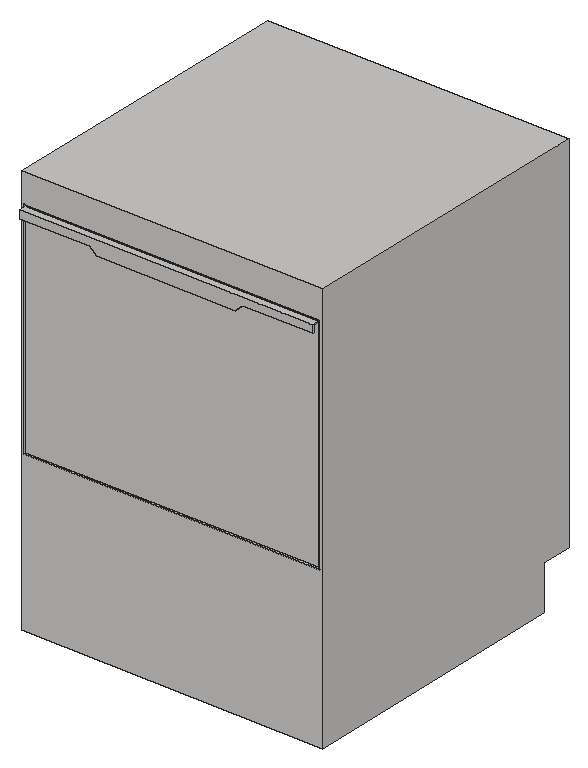
Revit family "QF_ELECTROLUXPROFESSIONAL_400211_EL3", category Specialty Equipment, Revit 2018
Family settings
  Round Connector Dimension = Use Diameter
  Part Type = Normal
  Work Plane-Based = No
  Always vertical = Yes
  Cut with Voids When Loaded = No
  Shared = No
  Room Calculation Point = No
Parameters (values of type "Standard")
  Weight = 47.00 kg
  Watts = 0 W
  Volts = 400 V
  URL Manufacturer = "http://professional.electrolux.com"
  URL = "http://professional.electrolux.com"
  Steam Supply Size = 0 mm
  Steam Supply Minimum Pressure = 0.0 Pa
  Steam Supply Maximum Pressure = 0.0 Pa
  Steam Pounds per Hour = 0
  Show Logo [instance] = yes
  Show Clearance [instance] = yes
  Refrigeration Suction Line Size = 0 mm
  Refrigeration Liquid Line Size = 0 mm
  Refrigerant Compressor Remote = yes
  Manufacturer = "Electrolux Professional"
  Phase = 3
  Model = "EL3"
  Length Actual = 600 mm  # constant formula
  Item Number = "400211"
  Hot Water Size = 19.05 mm
  Height Actual = 820 mm  # constant formula
  HP = "7.2 HP"
  Gas Size = 0 mm
  Gas KW = 0
  Gas Input Pressure = 0 W
  Direct Waste Size = 40 mm
  Description = "UNDERCOUNTER (L), 3PH, 540D/H"
  Depth Actual = 648 mm  # constant formula
  Cycle = 50 Hz
  Condensate Return Size = 0 mm
  Compressed Air Volume = 0.0 L/s
  Compressed Air Size = 0 mm
  Compressed Air Pressure = 0.0 Pa
  Cold Water Size = 0 mm
  Accessory = yes
Types (2, lengths in mm): name | URL | Manufacturer | Phase | Model | Hot Water Size | Description
  (no name) | "http://professional.electrolux.com/" | 0 | 0 | 0 | 0 | 0
  Standard | "http://professional.electrolux.com" | "Electrolux Professional" | 3 | "EL3" | 19.05 | "UNDERCOUNTER (L), 3PH, 540D/H"
Values of the unnamed type that differ from the named types
  Volts = 0 V
  URL Manufacturer = ""
  Item Number = ""
  Cycle = 0 Hz
Reference planes
  plane 1 "Center (Front/Back)": y = 0
  plane 2: z = 0
  plane 3 "Center (Left/Right)": x = 0
  plane 4 "LEFT": x = -300
  plane 5 "RIGHT": x = 300
  plane 6 "FRONT": y = -306
  plane 7 "BACK": y = 306
  plane 8: x = -202.5
  plane 9: x = 202.5
  plane 10: z = 830
  plane 11: z = 10
Forms (mm)
  Extrusion 1, solid, material "QF_Finishes_Stainless Steel"
    sketch origin (0, 0, 0) x (1, 0, 0) y (0, 1, 0)
      loop
        line (-300, -306) -> (300, -306) -> (300, 245) -> (-300, 245) -> (-300, -306)
    from 10 to 830
  Extrusion 2, solid, material "QF_Finishes_Stainless Steel"
    sketch origin (0, 0, 0) x (1, 0, 0) y (0, 1, 0)
      loop
        line (-300, 245) -> (300, 245) -> (300, 306) -> (-300, 306) -> (-300, 245)
    from 100 to 830
  Extrusion 3, solid, material "QF_Finishes_Stainless Steel"
    sketch origin (0, 17.5, 0) x (1, 0, 0) y (0, 1, 0)
      loop
        circle (-254, 167.5) r 12.5
      loop
        circle (254, 167.5) r 12.5
      loop
        circle (-254, -263.5) r 12.5
      loop
        circle (254, -263.5) r 12.5
    from 0 to 10
  Extrusion 4, void
    sketch origin (-300, -306, 0) x (-1, 0, 0) y (0, 0, 1)
      loop
        line (-5, 773.217) -> (-595, 773.217) -> (-595, 327.335) -> (-5, 327.335) -> (-5, 773.217)
    from 0 to 30
  Extrusion 5, solid, material "QF_Finishes_Stainless Steel"
    sketch origin (-259, -389, 768) x (0, 0, -1) y (1, 0, 0)
      loop
        circle (693, 143) r 10
    from -634 to -695
  Extrusion 6, solid, material "QF_Door-Drawer Clearances", visible <- "Show Clearance", detail levels coarse
    sketch origin (-230, -282.5, 0) x (0, 1, 0) y (0, 0, -1)
      loop
        line (-23.5, -330.419) -> (-391.5, -330.419)
        arc (-391.5, -330.419) -> (-290.693, -619.855) -> (-23.5, -770) r 432.894
        line (-23.5, -770) -> (-23.5, -330.419)
    from 61.197 to -521.306
  Extrusion 7, solid, material "QF_Finishes_Stainless Steel"
    sketch origin (-315.481, -389, 738) x (0, 0, -1) y (1, 0, 0)
      loop
        circle (663, 252.481) r 8
    from -634 to -695
  Extrusion 8, solid, material "QF_Finishes_Stainless Steel"
    sketch origin (-230, -282.5, 0) x (0, 1, 0) y (0, 0, -1)
      loop
        line (-23.5, -330.419) -> (-23.5, -770) -> (1.5, -770) -> (1.5, -330.419) -> (-23.5, -330.419)
    from 61.197 to -521.306
  Extrusion 9, solid, material "QF_Finishes_Stainless Steel"
    sketch origin (-230, -297.5, 0) x (0, 1, 0) y (0, 0, -1)
      loop
        line (-8.5, -770) -> (-8.5, -767.514) -> (-21, -767.514) -> (-21, -741.25) -> (-23.5, -741.25) -> (-23.5, -770) -> (-8.5, -770)
    from 61.197 to -521.306
  Extrusion 10, void
    sketch origin (-230, -321, 770) x (0, 0, 1) y (1, 0, 0)
      loop
        line (-15.552, -61.197) -> (-15.552, 77.909) -> (-28.75, 91.107) -> (-28.75, -61.197) -> (-15.552, -61.197)
      loop
        line (-15.552, 521.197) -> (-28.75, 521.197) -> (-28.75, 368.893) -> (-15.552, 382.091) -> (-15.552, 521.197)
    from 0 to 2.5
  Extrusion 11, solid, material "QF_Finishes_Stainless Steel"
    sketch origin (-295.988, 885.897, 763.79) x (0, -1, 0) y (1, 0, 0)
      loop
        circle (611.5, 158) r 8
    from -663.79 to -673.79
Cuts and joins
  Extrusion 4 cuts Extrusion 1
  joined: Extrusion 1, Extrusion 2
  Extrusion 10 cuts Extrusion 8
  Extrusion 10 cuts Extrusion 9
Lines and regions (mm)
  Split face 1
    outline origin (-300, -306, 830) x (0, 0, -1) y (1, 0, 0)
      loop
        line (21.579, 283.75) -> (39.683, 283.75) -> (39.683, 316.25) -> (21.579, 316.25) -> (21.579, 283.75)
  Split face 2
    outline origin (-300, -306, 830) x (0, 0, -1) y (1, 0, 0)
      loop
        line (56.783, 595) -> (56.783, 600)
      loop
        arc (56.783, 412.5) -> (28.391, 440.891) -> (0, 412.5) r 28.391
  symbolic lines
    curve 1: line (-300, 306, 0) -> (300, 306, 0)
    curve 2: line (-300, -306, 0) -> (-300, 306, 0)
    curve 3: line (300, -306, 0) -> (-300, -306, 0)
    curve 4: line (300, 306, 0) -> (300, -306, 0)
    curve 9: line (-291.197, -306, 0) -> (-291.197, -321, 0)
    curve 10: line (291.306, -321, 0) -> (291.306, -306, 0)
    curve 11: line (-291.197, -321, 0) -> (291.306, -321, 0)
  symbolic lines, style "QF_Door-Drawer Clearances"
    curve 5: line (-291.197, -674, 0) -> (291.306, -674, 0)
    curve 6: line (291.306, -674, 0) -> (291.306, -306, 0)
    curve 7: line (-291.197, -674, 0) -> (-291.197, -306, 0)
  symbolic lines, style "SpecialityEquipmentHiddenLines"
    curve 8: line (-300, 245, 0) -> (300, 245, 0)
Dimensions and locks
  equal spacing: plane 4 "LEFT", plane 3 "Center (Left/Right)", plane 5 "RIGHT"
  equal spacing: plane 7 "BACK", plane 1 "Center (Front/Back)", plane 6 "FRONT"
  plane 7 "BACK" to plane 6 "FRONT" = 612 mm
  plane 4 "LEFT" to plane 5 "RIGHT" = 600 mm
  plane 4 "LEFT" to plane 8 = 97.5 mm
  plane 9 to plane 5 "RIGHT" = 97.5 mm
  plane 11 to level = 10 mm
  plane 4 "LEFT" to plane 3 "Center (Left/Right)" = 300 mm
  plane 10 to level = 830 mm  (x2)
  plane 8 to plane 9 = 405 mm
  Extrusion 11 sketch curve to plane 4 "LEFT" = 162.012 mm
  level to Extrusion 5 sketch curve = 75 mm
  Extrusion 5 sketch curve to plane 4 "LEFT" = 184 mm
  Extrusion 7 sketch curve to plane 4 "LEFT" = 237 mm
  level to Extrusion 7 sketch curve = 75 mm
  Extrusion 3 to cut or joined group of Extrusion 1, Extrusion 2, Extrusion 4 = 121 mm
  Extrusion 3 to Extrusion 3 = 431 mm
  plane 6 "FRONT" to Extrusion 3 = 60 mm
  plane 9 to plane 8 = 405 mm
  plane 7 "BACK" to curve 5 = 980 mm
  cut or joined group of Extrusion 1, Extrusion 2, Extrusion 4 to level = 327.335 mm
  aligned and locked: level to plane 2
  aligned and locked: Extrusion 1 sketch curve to plane 6 "FRONT"
  aligned and locked: Extrusion 1 sketch curve to plane 4 "LEFT"
  aligned and locked: plane 5 "RIGHT" to Extrusion 1 sketch curve
  aligned and locked: Extrusion 1 to plane 11
  aligned and locked: Extrusion 2 sketch curve to Extrusion 1
  aligned and locked: plane 5 "RIGHT" to Extrusion 2 sketch curve
  aligned and locked: plane 11 to Extrusion 3
  aligned and locked: cut or joined group of Extrusion 9, Extrusion 10 to Extrusion 10
Automatic sketch dimensions
  Extrusion 1 sketch curve to plane 7 "BACK" = 61 mm
  Extrusion 3 sketch curve to plane 8 = 51.5 mm  (x2)
  plane 9 to Extrusion 3 sketch curve = 51.5 mm  (x2)
  plane 6 "FRONT" to Extrusion 3 sketch curve = 60 mm  (x2)
  Extrusion 3 sketch curve to plane 7 "BACK" = 121 mm  (x2)
  Extrusion 4 sketch curve to Extrusion 1 = 5 mm  (x2)
  Extrusion 4 sketch curve to Extrusion 1 = 317.335 mm
  Extrusion 4 sketch curve to Extrusion 1 = 56.783 mm
  plane 6 "FRONT" to Extrusion 8 sketch curve = 0 mm
  Extrusion 8 sketch curve to Extrusion 8 sketch curve = 25 mm
  Extrusion 9 sketch curve to plane 6 "FRONT" = 15 mm
  Extrusion 9 sketch curve to Extrusion 9 sketch curve = 2.5 mm
  Extrusion 9 sketch curve to Extrusion 9 sketch curve = 12.5 mm
  Extrusion 9 sketch curve to plane 10 = 60 mm
  Extrusion 9 sketch curve to Extrusion 9 sketch curve = 2.486 mm
  Extrusion 9 sketch curve to Extrusion 9 sketch curve = 26.264 mm
  Extrusion 2 sketch curve to Extrusion 2 sketch curve = 61 mm
  Split face 1 sketch curve to cut or joined group of Extrusion 1, Extrusion 2, Extrusion 4 = 21.579 mm
  Split face 1 sketch curve to Split face 1 sketch curve = 18.104 mm
  Split face 1 sketch curve to cut or joined group of Extrusion 1, Extrusion 2, Extrusion 4 = 278.75 mm
  Split face 1 sketch curve to Split face 1 sketch curve = 32.5 mm
  plane 11 to Extrusion 8 sketch curve = 320.419 mm
  Extrusion 8 sketch curve to plane 10 = 60 mm
  Extrusion 10 sketch curve to Extrusion 9 = 0 mm  (x2)
  Extrusion 9 to Extrusion 10 sketch curve = 0 mm
  Extrusion 10 sketch curve to Extrusion 9 = 13.198 mm  (x2)
  Extrusion 10 sketch curve to Extrusion 9 = 139.107 mm
  Extrusion 10 sketch curve to Extrusion 10 sketch curve = 13.198 mm  (x2)
  Extrusion 10 sketch curve to Extrusion 9 = 152.413 mm
  Extrusion 10 sketch curve to Extrusion 9 = 0.109 mm
  curve 3 to plane 4 "LEFT" = 0 mm
  curve 7 to plane 6 "FRONT" = 0 mm
  curve 4 to plane 5 "RIGHT" = 0 mm
  curve 2 to plane 7 "BACK" = 0 mm
  plane 4 "LEFT" to curve 5 = 8.803 mm
  curve 5 to plane 5 "RIGHT" = 8.694 mm
  plane 4 "LEFT" to curve 11 = 8.803 mm
  curve 10 to plane 5 "RIGHT" = 8.694 mm
  curve 11 to plane 6 "FRONT" = 15 mm
  curve 8 to plane 7 "BACK" = 61 mm
  Extrusion 2 sketch curve to plane 7 "BACK" = 0 mm
  Split face 2 sketch curve to cut or joined group of Extrusion 1, Extrusion 2, Extrusion 4 = 0 mm  (x5)
  Split face 2 sketch curve to cut or joined group of Extrusion 1, Extrusion 2, Extrusion 4 = 182.5 mm
  Extrusion 11 sketch curve to plane 7 "BACK" = 31.603 mm
  Extrusion 6 sketch curve to plane 6 "FRONT" = 0 mm
  plane 6 "FRONT" to Extrusion 6 sketch curve = 64.74 mm
  plane 11 to Extrusion 6 sketch curve = 331.974 mm
  Extrusion 6 sketch curve to Extrusion 6 sketch curve = 11.555 mm
  Extrusion 6 sketch curve to plane 6 "FRONT" = 368 mm
  radius of Extrusion 5 sketch curve = 10 mm
  radius of Extrusion 7 sketch curve = 8 mm
  radius of Extrusion 3 sketch curve = 12.5 mm  (x4)
  radius of Extrusion 11 sketch curve = 8 mm
Connectors
  piping at (-116, 306, 75), diameter 20
    settings: on Extrusion 5, index 1, connector inside diameter 609.6 mm, connector length 0 mm, flow factor 0, pipe flow 0.0 L/s, pressure drop 0.0 Pa, fitting loss kfactor 0, connector angle 0.00°, fixture units 0, engagement length 0 mm, angle of deflection 0.00°, flow configuration 1, flow direction 1, fitting loss method 0, system type 16, joint type 0, gender type 0, connector reference index -1, connector utility 0, adjustable connector no, is connector primary yes, connector description "Drain"
  piping at (-63, 306, 75), diameter 16
    settings: on Extrusion 7, index 3, connector inside diameter 609.6 mm, connector length 0 mm, flow factor 0, pipe flow 0.0 L/s, pressure drop 0.0 Pa, fitting loss kfactor 0, connector angle 0.00°, fixture units 0, engagement length 0 mm, angle of deflection 0.00°, flow configuration 1, flow direction 1, fitting loss method 0, system type 20, joint type 0, gender type 0, connector reference index -1, connector utility 0, adjustable connector no, is connector primary no, connector description "Cold Water Inlet"
  electrical at (-137.988, 274.397, 90), driven by "Volts"
    settings: on Extrusion 11, index 4, voltage 400 V, apparent load 0 VA, apparent load phase1 0 VA, apparent load phase2 0 VA, apparent load phase3 0 VA, power factor 1, load classification "Altro", number of poles 1, system type 31, power factor state 1, is connector primary yes, connector utility no, sub classification motor no, connector description "Electrical Connection"
